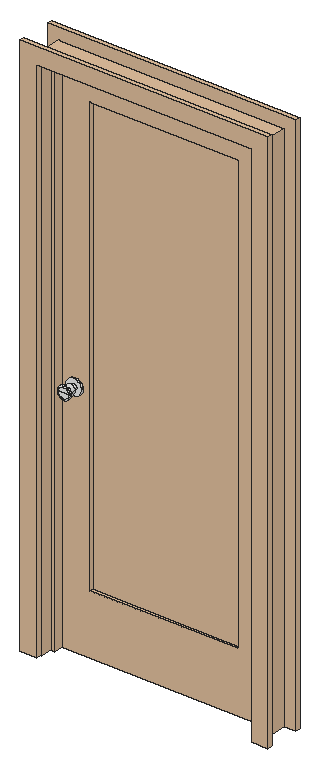
Revit family "411ba51af5914dff887f5faa87b9b58a", category Doors, host Wall, Revit 2021
Family settings
  Host = Wall
  OmniClass Number = 23.30.10.00
  OmniClass Title = Doors
  Always vertical = Yes
  Cut with Voids When Loaded = No
  Shared = No
  Room Calculation Point = No
Parameters
  Visual Light Transmittance = 0
  Trim Material = Cherry
  Top Rail = 4 11/16"
  Thickness = 1 3/8"
  Thermal Resistance (R) = 2.5876 (h·ft²·°F)/BTU
  Swing Angle [instance] = 90.00°
  Stiles = 4 3/4"
  Solar Heat Gain Coefficient = 0
  Rough Width = Width + 2"  # 34"
  Rough Height = Height + 1"  # 81"
  Panel Material = Cherry
  Height = 80"
  Wall Closure = By host
  Width = 32"
  Heat Transfer Coefficient (U) = 0.3865 BTU/(h·ft²·°F)
  Function = Interior
  Frame Material = Cherry
  Door Handle Material = Aluminum
  Bottom Rail = 9 1/8"
  Assembly Code = "C1020300"
  Analytic Construction = "Wooden"
Reference planes (in)
  plane 1 "Center (Front/Back)": y = 0
  plane 2 "Center (Left/Right)": x = 0
  plane 3 "Left": x = -17
  plane 4 "Right": x = 17
  plane 5 "Top": z = 81
  plane 6 "Exterior": y = 2.125
  plane 7 "Interior": y = -2.375
  plane 8 "Door Panel Left": x = -16
  plane 9 "Door Panel Right": x = 16
  plane 10 "Top Of Panel": z = 80
  plane 11: z = 0
  plane 12: z = 0
  plane 13: x = 16.75
  plane 14: y = 0.75
  plane 15: y = -0.625
  plane 16: x = 15.5
  plane 17: y = 0.75
  plane 18: z = 9.125
  plane 19: z = 75.3125
  plane 20: x = 11.25
  plane 21: x = -11.25
  plane 22: z = 39.9375
  plane 23: y = 1.20833
  plane 24: y = 1.66667
  plane 25: z = 36
Forms (in)
  Sweep 1, solid, material "Cherry" <- "Frame Material"
    path origin (0, 0, 0) x (1, 0, 0) y (0, 0, 1)
      loop
        line (17, 0) -> (17, 81) -> (-17, 81) -> (-17, 0)
    profile origin (17, 0, 40.5) x (-1, 0, 0) y (0, -1, 0)
      loop
        line (1, -2.125) -> (1, -0.75) -> (1.5, -0.75) -> (1.5, 0.625) -> (1, 0.625) -> (1, 2.375) -> (0, 2.375) -> (0, -2.125) -> (1, -2.125)
  Extrusion 2, solid, material "Cherry" <- "Panel Material"
    sketch origin (0, 0, 0) x (1, 0, 0) y (0, 0, 1)
      loop
        line (16, 80) -> (-16, 80) -> (-16, 0) -> (16, 0) -> (16, 80)
      loop
        line (11.25, 75.3125) -> (-11.25, 75.3125) -> (-11.25, 9.125) -> (11.25, 9.125) -> (11.25, 75.3125)
    from -2.125 to -0.75
  Extrusion 3, solid, material "Cherry" <- "Panel Material"
    sketch origin (0, 0, 0) x (1, 0, 0) y (0, 0, 1)
      loop
        line (11.25, 75.3125) -> (-11.25, 75.3125) -> (-11.25, 9.125) -> (11.25, 9.125) -> (11.25, 75.3125)
    from -1.66667 to -1.20833
  Sweep 4, solid, material "Cherry" <- "Trim Material", detail levels fine
    path origin (0, 2.125, 0) x (1, 0, 0) y (0, 0, 1)
      loop
        line (16, 0) -> (16, 80) -> (-16, 80) -> (-16, 0)
    profile "Casing Profile-Flat : 1x3" origin (16, 2.125, 40) x (-1, 0, 0) y (0, -1, 0)
      loop
        line (-0.25, -0.75) -> (-0.25, 0) -> (-2.75, 0) -> (-2.75, -0.75) -> (-0.25, -0.75)
  Sweep 5, solid, material "Cherry" <- "Trim Material", detail levels fine
    path origin (0, -2.375, 0) x (1, 0, 0) y (0, 0, 1)
      loop
        line (16, 0) -> (16, 80) -> (-16, 80) -> (-16, 0)
    profile "Casing Profile-Flat : 1x3" origin (16, -2.375, 40) x (-1, 0, 0) y (0, -1, 0)
      loop
        line (-0.25, 0.75) -> (-2.75, 0.75) -> (-2.75, 0) -> (-0.25, 0) -> (-0.25, 0.75)
Lines and regions (in)
  Opening 1
    outline origin (-90, -2.375, 0) x (1, 0, 0) y (0, 0, 1)
      loop
        line (73, 0) -> (107, 0) -> (107, 81) -> (73, 81) -> (73, 0)
  Masking region 1, detail levels coarse+medium
    outline origin (0, 0, 0) x (1, 0, 0) y (0, 1, 0)
      loop
        line (-17, 2.125) -> (-17, -2.375) -> (-16, -2.375) -> (-16, 2.125) -> (-17, 2.125)
      loop
        line (17, 2.125) -> (16, 2.125) -> (16, -2.375) -> (17, -2.375) -> (17, 2.125)
  Masking region 2, detail levels fine
    outline origin (-1, 0, 0) x (1, 0, 0) y (0, 1, 0)
      loop
        line (-16, 2.125) -> (-16, -2.375) -> (-15, -2.375) -> (-15, -0.625) -> (-14.5, -0.625) -> (-14.5, 0.75) -> (-15, 0.75) -> (-15, 2.125) -> (-16, 2.125)
      loop
        line (18, 2.125) -> (17, 2.125) -> (17, 0.75) -> (16.5, 0.75) -> (16.5, -0.625) -> (17, -0.625) -> (17, -2.375) -> (18, -2.375) -> (18, 2.125)
  Masking region 3, detail levels fine
    outline origin (0, 0, 0) x (1, 0, 0) y (0, 1, 0)
      loop
        line (-18.75, 2.875) -> (-18.75, 2.125) -> (-16.25, 2.125) -> (-16.25, 2.875) -> (-18.75, 2.875)
      loop
        line (-18.75, -2.375) -> (-18.75, -3.125) -> (-16.25, -3.125) -> (-16.25, -2.375) -> (-18.75, -2.375)
      loop
        line (16.25, 2.875) -> (16.25, 2.125) -> (18.75, 2.125) -> (18.75, 2.875) -> (16.25, 2.875)
      loop
        line (16.25, -2.375) -> (16.25, -3.125) -> (18.75, -3.125) -> (18.75, -2.375) -> (16.25, -2.375)
  Masking region 4
    outline origin (0, 0, 0) x (0, 1, 0) y (0, 0, 1)
      loop
        line (2.125, 81) -> (-2.375, 81) -> (-2.375, 80.75) -> (2.125, 80.75) -> (2.125, 81)
  symbolic lines, style "Elevation Swing"
    curve 1: line (-16, 2.125, 80) -> (16, 2.125, 40)
    curve 2: line (16, 2.125, 40) -> (-16, 2.125, 0)
Text (in)
  text "Exterior" at (-74.96733, 27.31104, 0), in view "Ref. Level"
  text "Interior" at (-74.96733, -25.14366, 0), in view "Ref. Level"
  text "Exterior" at (0, 40.15149, 123.01588), in view "Right"
  text "Interior" at (0, -64.39139, 123.01588), in view "Right"
  text "Interior" at (0, -31.01599, 123.00693), in view "Left"
  text "Exterior" at (0, 54.57065, 123.00693), in view "Left"
Dimensions and locks (in)
  equal spacing: plane 3 "Left", plane 2 "Center (Left/Right)", plane 4 "Right"
  "Rough Height": level to plane 5 "Top"
  equal spacing: plane 8 "Door Panel Left", plane 2 "Center (Left/Right)", plane 9 "Door Panel Right"
  "Width": plane 8 "Door Panel Left" to plane 9 "Door Panel Right"
  "Height": level to plane 10 "Top Of Panel"
  plane 11 to plane 12 = 0"
  locked: plane 13 to plane 4 "Right" at 0.25
  "Thickness": plane 14 to plane 6 "Exterior"
  locked: plane 14 to plane 15 at 1.375
  locked: plane 16 to plane 9 "Door Panel Right" at 0.5
  "Thickness": plane 6 "Exterior" to plane 17
  "Rough Width": plane 3 "Left" to plane 4 "Right"
  "Top Rail": plane 19 to plane 10 "Top Of Panel"
  "Stiles": plane 20 to plane 9 "Door Panel Right"
  "Stiles": plane 8 "Door Panel Left" to plane 21
  equal spacing: plane 17, plane 23, plane 24, plane 6 "Exterior"
  locked: plane 12 to plane 25 at 36
  equal spacing: plane 12, curve 2, plane 10 "Top Of Panel"
  "Bottom Rail": plane 18 to plane 11
  locked: Masking region 4 sketch curve to plane 5 "Top" at 0.25
  aligned and locked: plane 3 "Left" to Opening 1 sketch curve
  aligned and locked: plane 5 "Top" to Opening 1 sketch curve  (x2)
  aligned and locked: Opening 1 sketch curve to plane 4 "Right"
  aligned and locked: Opening 1 sketch curve to level
  aligned and locked: plane 6 "Exterior" to host wall
  aligned and locked: plane 7 "Interior" to host wall
  aligned and locked: plane 5 "Top" to Sweep 1 sketch curve
  aligned and locked: plane 4 "Right" to Sweep 1 sketch curve
  aligned and locked: Sweep 1 sketch curve to plane 3 "Left"
  aligned and locked: plane 11 to level
  aligned and locked: plane 11 to Sweep 1 sketch curve  (x2)
  aligned and locked: Sweep 1 sketch curve to plane 9 "Door Panel Right"
  aligned and locked: Sweep 1 sketch curve to host wall
  aligned and locked: Sweep 1 sketch curve to plane 7 "Interior"
  aligned and locked: Sweep 1 sketch curve to plane 15
  aligned and locked: Sweep 1 sketch curve to plane 16
  aligned and locked: plane 14 to Sweep 1 sketch curve
  aligned and locked: Extrusion 2 sketch curve to plane 10 "Top Of Panel"
  aligned and locked: Extrusion 2 sketch curve to plane 8 "Door Panel Left"
  aligned and locked: plane 9 "Door Panel Right" to Extrusion 2 sketch curve
  aligned and locked: Extrusion 2 sketch curve to plane 12
  aligned and locked: Extrusion 2 to plane 17
  aligned and locked: Extrusion 2 to plane 6 "Exterior"
  aligned and locked: Extrusion 2 sketch curve to plane 19
  aligned and locked: Extrusion 2 sketch curve to plane 21
  aligned and locked: plane 20 to Extrusion 2 sketch curve
  aligned and locked: plane 18 to Extrusion 2 sketch curve
  aligned and locked: Extrusion 3 sketch curve to plane 19
  aligned and locked: plane 20 to Extrusion 3 sketch curve
  aligned and locked: Extrusion 3 sketch curve to plane 21
  aligned and locked: plane 18 to Extrusion 3 sketch curve
  aligned and locked: plane 24 to Extrusion 3
  aligned and locked: Extrusion 3 to plane 23
  aligned and locked: nested 1 to plane 9 "Door Panel Right"
  aligned and locked: plane 6 "Exterior" to nested 1
  aligned and locked: nested 2 to plane 8 "Door Panel Left"
  aligned and locked: plane 6 "Exterior" to nested 2
  aligned and locked: plane 8 "Door Panel Left" to nested 3
  aligned and locked: nested 3 to plane 17
  aligned and locked: plane 9 "Door Panel Right" to Sweep 4 sketch curve
  aligned and locked: Sweep 4 sketch curve to plane 8 "Door Panel Left"
  aligned and locked: Sweep 4 sketch curve to plane 10 "Top Of Panel"
  aligned and locked: Sweep 5 sketch curve to plane 9 "Door Panel Right"
  aligned and locked: plane 10 "Top Of Panel" to Sweep 5 sketch curve
  aligned and locked: plane 8 "Door Panel Left" to Sweep 5 sketch curve
  aligned and locked: Masking region 1 sketch curve to plane 3 "Left"
  aligned and locked: plane 8 "Door Panel Left" to Masking region 1 sketch curve
  aligned and locked: Masking region 1 sketch curve to plane 7 "Interior"
  aligned and locked: plane 6 "Exterior" to Masking region 1 sketch curve
  aligned and locked: plane 9 "Door Panel Right" to Masking region 1 sketch curve
  aligned and locked: Masking region 1 sketch curve to plane 4 "Right"
  aligned and locked: plane 7 "Interior" to Masking region 1 sketch curve
  aligned and locked: Masking region 1 sketch curve to plane 6 "Exterior"
  aligned and locked: plane 11 to Sweep 4 sketch curve  (x2)
  aligned and locked: plane 11 to Sweep 5 sketch curve  (x2)
  aligned and locked: plane 8 "Door Panel Left" to Masking region 2 sketch curve
  aligned and locked: Masking region 2 sketch curve to plane 3 "Left"
  aligned and locked: Masking region 2 sketch curve to plane 7 "Interior"
  aligned and locked: plane 6 "Exterior" to Masking region 2 sketch curve
  aligned and locked: Masking region 2 sketch curve to nested 2  (x2)
  aligned and locked: Masking region 2 sketch curve to Sweep 1  (x3)
  aligned and locked: Masking region 3 sketch curve to Sweep 4  (x6)
  aligned and locked: Masking region 3 sketch curve to plane 6 "Exterior"  (x2)
  aligned and locked: plane 7 "Interior" to Masking region 3 sketch curve  (x2)
  aligned and locked: Masking region 3 sketch curve to Sweep 5  (x6)
  aligned and locked: Masking region 2 sketch curve to plane 4 "Right"
  aligned and locked: plane 9 "Door Panel Right" to Masking region 2 sketch curve  (x3)
  aligned and locked: plane 17 to Masking region 2 sketch curve
  aligned and locked: Sweep 1 to Masking region 2 sketch curve
  aligned and locked: Sweep 1 sketch curve to profile plane
  aligned and locked: plane 5 "Top" to Masking region 4 sketch curve
  aligned and locked: plane 6 "Exterior" to Masking region 4 sketch curve
  aligned and locked: Masking region 4 sketch curve to plane 7 "Interior"
Automatic sketch dimensions
  plane 16 to Sweep 1 sketch curve = 1/2"
  curve 2 to level = 0"
  curve 2 to plane 8 "Door Panel Left" = 0"
  curve 1 to plane 8 "Door Panel Left" = 0"
  curve 2 to plane 9 "Door Panel Right" = 0"
  curve 1 to plane 10 "Top Of Panel" = 0"
  Masking region 2 sketch curve to host wall = 0"  (x2)
  Masking region 2 sketch curve to plane 17 = 0"
Nested families (in)
  nested 1: "Door Swing-Single" at (16, 2.125, 0), Swing Angle <- "Swing Angle", type "Single"
    with Swing Visible yes, Swing Angle 90.00°, Actual Angle 90.00°, Width 32", Thickness 1 3/8"
  nested 2: "Handle Domestic" at (-16, 2.125, 36), type "Standard", detail levels fine
  nested 3: "Handle Domestic" at (-16, 0.75, 36), type "Standard", detail levels fine
Definition of nested family "Handle Domestic"
  Parameters (values of type "Standard")
    Manufacturer = ""
    Material = none
    Handle Z Distance = 0"
    Handle X Distance = 2 1/2"
    Analytic Construction = "<None>"
  Reference planes (in)
    plane 1 "Center (Front/Back)": y = 0
    plane 2: z = 0
    plane 3 "Center (Left/Right)": x = 0
    plane 4: z = 0
    plane 5: x = 2.5
  Forms (in)
    Extrusion 1, solid, material <- "Material"
      sketch origin (0, 0, 0) x (1, 0, 0) y (0, 0, 1)
        loop
          circle (2.5, 0) r 1.1811
      from 0 to -0.23622
    Revolve 2, solid, material <- "Material"
      sketch origin (0, 0, 0) x (0, -1, 0) y (1, 0, 0)
        loop
          line (-0.98425, 2.1063) -> (-0.23622, 2.1063) -> (-0.23622, 2.5) -> (-2.16535, 2.5) -> (-2.16535, 1.69386) -> (-2.09339, 1.51575) -> (-1.95703, 1.51575) -> (-0.98425, 1.76629) -> (-0.98425, 2.1063)
        axis (-0.23622, 2.5) -> (-2.16535, 2.5)
      angle from 0 to 360
  Dimensions and locks (in)
    "Handle Z Distance": plane 4 to level
    "Handle X Distance": plane 5 to plane 3 "Center (Left/Right)"
  Automatic sketch dimensions
    Extrusion 1 sketch curve to plane 4 = 0"
    Extrusion 1 sketch curve to plane 5 = 0"
    Revolve 2 sketch curve to plane 5 = 0"  (x2)
    Revolve 2 sketch curve to plane 1 "Center (Front/Back)" = 2.59843"
    Revolve 2 sketch curve to Revolve 2 sketch curve = 0.43307"
    Revolve 2 sketch curve to Revolve 2 sketch curve = 0.07196"
    Revolve 2 sketch curve to Revolve 2 sketch curve = 0.13637"
    Revolve 2 sketch curve to plane 1 "Center (Front/Back)" = 0.98425"
    Revolve 2 sketch curve to plane 1 "Center (Front/Back)" = 0.23622"
    Revolve 2 sketch curve to Revolve 2 sketch curve = 0"
    Revolve 2 sketch curve to Revolve 2 sketch curve = 0.3937"
    Revolve 2 sketch curve to Revolve 2 sketch curve = 0.34001"
    Revolve 2 sketch curve to Revolve 2 sketch curve = 0.80614"
    Revolve 2 sketch curve to Revolve 2 sketch curve = 0.17812"
    radius of Extrusion 1 sketch curve = 1.1811"
Definition of nested family "Door Swing-Single"
  Parameters
    Width = 36"
    Thickness = 1 3/4"
    Swing Visible [instance] = Swing Angle > 1.00°  # yes
    Swing Angle [instance] = 45.00°
    Assembly Code = ""
    Analytic Construction = "<None>"
    Actual Angle [instance] = if(Swing Angle < 1.00°, 1.00°, Swing Angle)  # 45.00°
  Reference planes (in)
    plane 1 "Center (Front/Back)": y = 0
    plane 2: z = 0
    plane 3 "Center (Left/Right)": x = 0
    plane 4: x = -36
  Lines and regions (in)
    Masking region 1
      outline origin (0, 0, 0) x (-0.707107, 0.707107, 0) y (-0.707107, -0.707107, 0)
        loop
          line (0, 0) -> (36, 0) -> (36, 1.75) -> (0, 1.75) -> (0, 0)
    symbolic lines
      curve 1: line (0, 0, 0) -> (-36, 0, 0)
    symbolic lines, visible <- "Swing Visible"
      curve 2: arc (-36, 0, 0) -> (-33.25966, 13.7766, 0) -> (-25.45584, 25.45584, 0) r 36
    reference lines
      curve 3: line (0, 0, 0) -> (-25.45584, 25.45584, 0)
    model lines
      curve 4: line (0, 0, 0) -> (0, 0, 1)
  Dimensions and locks (in)
    "Width": plane 4 to plane 3 "Center (Left/Right)"
    locked: curve 2 to plane 3 "Center (Left/Right)"
    locked: curve 2 to plane 1 "Center (Front/Back)"
    "Width": curve 3 to curve 3
    "Thickness": Masking region 1 sketch curve to Masking region 1 sketch curve
    locked: curve 4 to plane 2 at 1
    "Width": radius of curve 2
    "Actual Angle": angle curve 2 to curve 2
    "Swing Angle": angle curve 3 to plane 1 "Center (Front/Back)"
    aligned and locked: curve 1 to plane 1 "Center (Front/Back)"
    aligned and locked: plane 3 "Center (Left/Right)" to curve 1
    aligned and locked: plane 3 "Center (Left/Right)" to curve 3
    aligned and locked: plane 1 "Center (Front/Back)" to curve 3
    aligned and locked: curve 3 to Masking region 1 sketch curve
    aligned and locked: Masking region 1 sketch curve to curve 3  (x2)
    aligned and locked: plane 3 "Center (Left/Right)" to curve 4
    aligned and locked: plane 2 to curve 4
